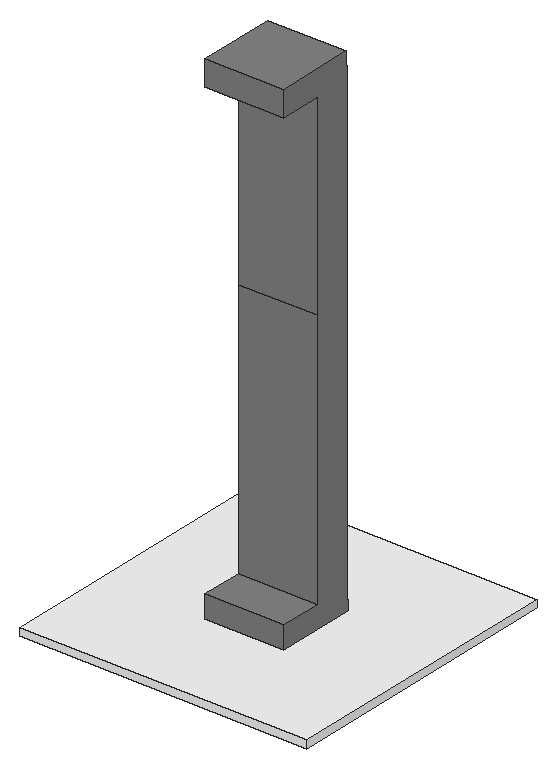
Revit family "BE_84228_de_DE", category Leuchten, Revit 2020
Family settings
  Basisbauteil = Fläche
  Bemaßung runder Anschluss = Durchmesser verwenden
  Teiletyp = Normal
  Beim Laden mit Abzugskörper schneiden = Ja
  Lichtquelle = Ja
  Gemeinsam genutzt = Nein
  Raumberechnungspunkt = Ja
Parameters (values of type "BEGA_84228_Grafit_K3")
  built-in parameter 1150104 = 12.384 (stored number, unit not read)
  Wattage = 4.2 W
  Default Elevation = 0 mm
  built-in parameter 1150113 = 1 (stored number, unit not read)
  built-in parameter 1114218 = 1 (stored number, unit not read)
  Umgebungstemperatur = "25 °C"
  URL = "https://www.bega.com/de/produkt/84228"
  Typenkommentare = "© 2022 BEGA. Wir behalten uns das Recht vor, technische Änderungen ohne vorherige Ankündigung vorzunehmen."  # constant formula
  Type Image = 84228.png
  built-in parameter 1150134 = (empty or 0)
  built-in parameter 1150109 = 1 (stored number, unit not read)
  Strom = ""
  built-in parameter 1150110 = 1 (stored number, unit not read)
  Spannung = 239.996 V
  Sonderanfertigung = no
  Seriennummer [instance] = "Hier können Sie die eindeutige Seriennummer für das Facility Management eintragen."
  Schutzklasse = "I"
  Schutzart = "IP 65"
  Scheinlast = 0 VA
  Produktdatenblatt = "https://cdn.bega.com/bega/products/84228AK3/current/documents/data-sheets/de"
  Oberflächentemperatur = ""
  Neigungswinkel = 0.00°
  Modell = "84228K3"
  Material_17 = BEGA_Reflektor
  Material_15 = BEGA_Leuchtmedium_matt
  Material_11 = BEGA_Glas_opal
  Material_10 = BEGA_Glas_matt
  Material_09 = BEGA_Glas_klar
  Material_08 = BEGA_Oberfläche_Stahl_verzinkt
  Material_06 = BEGA_Oberfläche_Edelstahl_gebürstet
  Material_03 = BEGA_Oberfläche_Weiss_matt
  Material_02 = BEGA_Oberfläche_Silber_matt
  Material_01 [instance] = BEGA_Oberfläche_Grafit_matt
  M_W = no
  M_G = yes
  M_A = no
  Logo = 0
  built-in parameter 1114217 = 1 (stored number, unit not read)
  built-in parameter 1150139 = (empty or 0)
  built-in parameter 1150105 = 44.552 (stored number, unit not read)
  built-in parameter 1150114 = 1 (stored number, unit not read)
  Lumens = 559.86 lm
  built-in parameter 1150115 = 1 (stored number, unit not read)
  Leuchtenlichtstrom = "333 lm"
  Leuchtenanzahl = ""
  Lebensdauerkriterien = "L70B50 @ 25 °C = 200000 h"
  Lastklassifizierung = Beleuchtung
  built-in parameter 1150112 = 1 (stored number, unit not read)
  Lampenlichtstrom = "690 lm"
  Lampe = "LED 4 W"
  LED_Modulbezeichnung = "2x LED-0234/830"
  built-in parameter 1150142 = (empty or 0)
  Hersteller = "BEGA"  # constant formula
  Halbstreuwinkel = ""
  Gewicht = "3.05 kg"
  Gebrauchslageneinschränkung [instance] = ""
  Frequenz = "0/50-60 Hz"
  Farbwiedergabeindex = "CRI > 80"
  Farbtemperaturverschiebung bei Dämpfen der Lampe = <Keine Auswahl>
  Farbtemperatur = "3000 K"
  Color Filter = 16777215
  built-in parameter 1150133 = 10 (stored number, unit not read)
  Energieeffizienzklasse = "LED A++ - A"
  built-in parameter 1150137 = (empty or 0)
  built-in parameter 1150132 = (empty or 0)
  ENEC = "ja"
  Datei für fotometrisches Netz = "BE_84228K3.IES"
  CE_Konformität = "ja"
  Bestellnummer = "84228K3"
  Beschreibung_Sonderanfertigung = "Hier können Sie Informationen zur Sonderanfertigung eintragen."
  Beschreibung = "Garten- und Wegeleuchte"
  built-in parameter 1150106 = 0.44552 (stored number, unit not read)
  Befestigungsbohrung = "Ø 5,5 mm"
  Befestigungsabstand = ""
  Ballwurfsicher = ""
  BEGA_Intern_aus = yes
  BEGA_Intern_an = yes
  BEGA_Intern_Konstruktion = yes
  BEGA_Intern = yes
  BEGA_IES = yes
  BEGA_Dummy = no
  Anschlussleitung = ""
  Anschlussleistung [instance] = "4.9 W"
  built-in parameter 1150107 = 3000 (stored number, unit not read)
  built-in parameter 1150102 = (empty or 0)
  built-in parameter 1150138 = (empty or 0)
  Aktualisierung = "2022-05-19T04:00:07"
  Abstand_zur_angestrahlten_Fläche [instance] = ""
  AC/DC = "AC/DC"
Types (2, lengths in mm): name | Modell | M_G | M_A | Bestellnummer
  BEGA_84228_Silber_K3 | "84228AK3" | no | yes | "84228AK3"
  BEGA_84228_Grafit_K3 | "84228K3" | yes | no | "84228K3"
Reference planes
  plane 1 "Mitte (Vorne/Hinten)": y = 0
  plane 2: z = 0
  plane 3 "Mitte (Links/Rechts)": x = 0
  plane 4 "Links": x = -55
  plane 5 "Rechts": x = 55
  plane 6 "Unten": y = -60
  plane 7 "Oben": y = 51.841
  plane 8 "Vorne": z = 700
  plane 9 "Hinten": z = 0
Forms (mm)
  Extrusion 1, solid, material "BEGA_Platte_Weiss"
    sketch origin (0, -1119.2, 0) x (1, 0, 0) y (0, 1, 0)
      loop
        line (-200, 1319.2) -> (-200, 919.2) -> (200, 919.2) -> (200, 1319.2) -> (-200, 1319.2)
    from 0 to -10
  Extrusion 2, solid, material "BEGA_Dummy_matt", visible <- "BEGA_Dummy"
    sketch origin (80.095, -76.023, 0) x (1, 0, 0) y (0, 1, 0)
      loop
        line (-135.095, 127.864) -> (-135.095, 16.023) -> (-25.095, 16.023) -> (-25.095, 127.864) -> (-135.095, 127.864)
    from 0 to 700
Dimensions and locks
  plane 1 "Mitte (Vorne/Hinten)" to Extrusion 1 = 200 mm
  aligned and locked: plane 2 to Extrusion 1
  aligned and locked: level to Extrusion 1
Nested families
  nested 1: "BE_84228" at (0, 25, 0), type "BE_84228"
Connectors
  electrical at (0, 0, 0), driven by "Lastklassifizierung", driven by "Spannung", driven by "Scheinlast"
    settings: index 1, voltage 239.996 V, apparent load 0 VA, apparent load phase1 0 VA, apparent load phase2 0 VA, apparent load phase3 0 VA, power factor 1, load classification "Beleuchtung", number of poles 1, system type 31, power factor state 1, is connector primary yes, connector utility no, sub classification motor no, connector description ""
Definition of nested family "BE_84228"
  Parameters (values of type "BE_84228")
    Material_10 = none
    Default Elevation = 1 mm
    URL = "http://www.bega.de/de/produkt"
    Type Comments = "© 2015 BEGA. Wir behalten uns das Recht vor, technische Änderungen ohne vorherige Ankündigung vorzunehmen. "  # constant formula
    Type Image = (empty or 0)
    Neigungswinkel_um_Z2 = 0.00°
    Neigungswinkel_um_Z1 = 0.00°
    Neigungswinkel_um_Y2 = 0.00°
    Neigungswinkel_um_Y1 = 0.00°
    Neigungswinkel_um_X2 = 0.00°
    Neigungswinkel_um_X1 = 0.00°
    Material_17 = none
    Material_15 = none
    Material_11 = none
    Material_09 = none
    Material_08 = none
    Material_06 = none
    Material_02 = none
    Material_01 = none
    M_W = yes
    M_G = yes
    M_A = yes
    Länge_Platte = 200 mm  # constant formula
    Höhe_Platte = -10 mm  # constant formula
    Manufacturer = "BEGA"  # constant formula
    Drehwinkel_um_Z2 = 0.00°
    Drehwinkel_um_Z1 = 0.00°
    Breite_Platte = 200 mm  # constant formula
  Reference planes
    plane 1 "Mitte (Oben/Unten)": y = 0
    plane 2: z = 0
    plane 3 "Mitte (Links/Rechts)": x = 0
    plane 4 "Unten": y = -85
    plane 5: z = 700
    plane 6: z = 0
    plane 7: x = 55
    plane 8: x = -55
    plane 9: y = 26.841
  Forms (mm)
    Extrusion 1, solid, detail levels medium
      sketch origin (0, 0, 0) x (1, 0, 0) y (0, 1, 0)
        loop
          line (-100, 100) -> (-100, -100) -> (100, -100) -> (100, 100) -> (-100, 100)
      from 0 to -10 <- "Höhe_Platte"
    Extrusion 2, solid, material <- "Material_01", visible <- "M_G"
      sketch origin (0, 0, -270.628) x (0, 1, 0) y (0, 0, 1)
        loop
          line (25, 935.586) -> (24.694, 970.628) -> (-84.695, 970.628) -> (-85, 935.628) -> (-75.588, 935.628) -> (-75.49, 938.428) -> (-79.312, 938.428) -> (-79.555, 947.728) -> (-77.175, 947.728) -> (-76.462, 968.128) -> (4.703, 968.128) -> (5, 959.628) -> (16.758, 959.628) -> (17.034, 951.728) -> (22.437, 951.728) -> (23, 935.628) -> (22, 933.128) -> (22, 270.628) -> (26.841, 270.628) -> (26.3, 301.628) -> (25, 301.628) -> (25, 935.586)
        loop
          line (-25, 662.709) -> (-25, 301.628) -> (-83.7, 301.628) -> (-84.241, 270.628) -> (-80.126, 270.628) -> (-79.2, 297.128) -> (-22.949, 297.128) -> (-22.949, 938.129) -> (-24.697, 938.129) -> (-24.871, 943.128) -> (-26.522, 943.128) -> (-26.686, 938.428) -> (-30.511, 938.428) -> (-30.413, 935.628) -> (-25.047, 935.628) -> (-25, 932.95) -> (-25, 662.709)
      from -55 to 55
    Extrusion 3, solid, material <- "Material_01", visible <- "M_G"
      sketch origin (0, 0, -270.628) x (0, 1, 0) y (0, 0, 1)
        loop
          line (23.755, 969.255) -> (-82.967, 969.255) -> (-83.261, 935.628) -> (-41.187, 935.628) -> (-24.484, 935.628) -> (-24.484, 662.709) -> (-24.484, 300.85) -> (-81.698, 300.85) -> (-81.698, 270.628) -> (23.755, 270.628) -> (23.755, 969.255)
      from 50 to 55
    Extrusion 4, solid, material <- "Material_10"
      sketch origin (0, 0, -273.428) x (1, 0, 0) y (0, 1, 0)
        loop
          line (-42.716, -76.553) -> (42.716, -76.553) -> (35.912, -29.447) -> (-35.912, -29.447) -> (-42.716, -76.553)
      from 941.687 to 945.175
    Extrusion 5, solid, material <- "Material_01", visible <- "M_G"
      sketch origin (0, 0, 0) x (1, 0, 0) y (0, 1, 0)
        loop
          line (43.299, -80.588) -> (50, -80.588) -> (50, -28.099) -> (35.717, -28.099) -> (43.299, -80.588)
        loop
          line (-35.717, -28.099) -> (-50, -28.099) -> (-50, -80.588) -> (-43.299, -80.588) -> (-35.717, -28.099)
      from 665 to 667.8
    Extrusion 6, solid, material <- "Material_01", visible <- "M_G"
      sketch origin (0, 0, 0) x (1, 0, 0) y (0, 1, 0)
        loop
          line (43.299, -80.588) -> (50, -80.588) -> (50, -28.099) -> (35.717, -28.099) -> (43.299, -80.588)
        loop
          line (-35.717, -28.099) -> (-50, -28.099) -> (-50, -80.588) -> (-43.299, -80.588) -> (-35.717, -28.099)
      from 665 to 667.8
    Extrusion 7, solid, material <- "Material_01", visible <- "M_G"
      sketch origin (0, 0, -270.628) x (0, 1, 0) y (0, 0, -1)
        loop
          line (23.755, -969.255) -> (23.755, -270.628) -> (-81.698, -270.628) -> (-81.698, -300.85) -> (-24.484, -300.85) -> (-24.484, -662.709) -> (-24.484, -935.628) -> (-41.187, -935.628) -> (-83.261, -935.628) -> (-82.967, -969.255) -> (23.755, -969.255)
      from 50 to 55
    Extrusion 8, solid, material <- "Material_02", visible <- "M_A"
      sketch origin (0, 0, -270.628) x (0, 1, 0) y (0, 0, 1)
        loop
          line (25, 935.586) -> (24.694, 970.628) -> (-84.695, 970.628) -> (-85, 935.628) -> (-75.588, 935.628) -> (-75.49, 938.428) -> (-79.312, 938.428) -> (-79.555, 947.728) -> (-77.175, 947.728) -> (-76.462, 968.128) -> (4.703, 968.128) -> (5, 959.628) -> (16.758, 959.628) -> (17.034, 951.728) -> (22.437, 951.728) -> (23, 935.628) -> (22, 933.128) -> (22, 270.628) -> (26.841, 270.628) -> (26.3, 301.628) -> (25, 301.628) -> (25, 935.586)
        loop
          line (-25, 662.709) -> (-25, 301.628) -> (-83.7, 301.628) -> (-84.241, 270.628) -> (-80.126, 270.628) -> (-79.2, 297.128) -> (-22.949, 297.128) -> (-22.949, 938.129) -> (-24.697, 938.129) -> (-24.871, 943.128) -> (-26.522, 943.128) -> (-26.686, 938.428) -> (-30.511, 938.428) -> (-30.413, 935.628) -> (-25.047, 935.628) -> (-25, 932.95) -> (-25, 662.709)
      from -55 to 55
    Extrusion 9, solid, material <- "Material_02", visible <- "M_A"
      sketch origin (0, 0, -270.628) x (0, 1, 0) y (0, 0, 1)
        loop
          line (23.755, 969.255) -> (-82.967, 969.255) -> (-83.261, 935.628) -> (-41.187, 935.628) -> (-24.484, 935.628) -> (-24.484, 662.709) -> (-24.484, 300.85) -> (-81.698, 300.85) -> (-81.698, 270.628) -> (23.755, 270.628) -> (23.755, 969.255)
      from 50 to 55
    Extrusion 10, solid, material <- "Material_02", visible <- "M_A"
      sketch origin (0, 0, 0) x (1, 0, 0) y (0, 1, 0)
        loop
          line (43.299, -80.588) -> (50, -80.588) -> (50, -28.099) -> (35.717, -28.099) -> (43.299, -80.588)
        loop
          line (-35.717, -28.099) -> (-50, -28.099) -> (-50, -80.588) -> (-43.299, -80.588) -> (-35.717, -28.099)
      from 665 to 667.8
    Extrusion 11, solid, material <- "Material_02", visible <- "M_A"
      sketch origin (0, 0, 0) x (1, 0, 0) y (0, 1, 0)
        loop
          line (43.299, -80.588) -> (50, -80.588) -> (50, -28.099) -> (35.717, -28.099) -> (43.299, -80.588)
        loop
          line (-35.717, -28.099) -> (-50, -28.099) -> (-50, -80.588) -> (-43.299, -80.588) -> (-35.717, -28.099)
      from 665 to 667.8
    Extrusion 12, solid, material <- "Material_02", visible <- "M_A"
      sketch origin (0, 0, -270.628) x (0, 1, 0) y (0, 0, -1)
        loop
          line (23.755, -969.255) -> (23.755, -270.628) -> (-81.698, -270.628) -> (-81.698, -300.85) -> (-24.484, -300.85) -> (-24.484, -662.709) -> (-24.484, -935.628) -> (-41.187, -935.628) -> (-83.261, -935.628) -> (-82.967, -969.255) -> (23.755, -969.255)
      from 50 to 55
  Cuts and joins
    joined: Extrusion 2, Extrusion 3, Extrusion 5, Extrusion 6, Extrusion 7
    joined: Extrusion 8, Extrusion 9, Extrusion 10, Extrusion 11, Extrusion 12
  Dimensions and locks
    equal spacing: Extrusion 1 sketch curve, plane 3 "Mitte (Links/Rechts)", Extrusion 1 sketch curve
    equal spacing: Extrusion 1 sketch curve, plane 1 "Mitte (Oben/Unten)", Extrusion 1 sketch curve
    "Länge_Platte": Extrusion 1 sketch curve to Extrusion 1 sketch curve
    "Breite_Platte": Extrusion 1 sketch curve to Extrusion 1 sketch curve
    aligned and locked: plane 2 to Extrusion 1
    aligned and locked: level to Extrusion 1
  Automatic sketch dimensions
    Extrusion 2 sketch curve to plane 4 "Unten" = 0 mm
    plane 5 to Extrusion 2 sketch curve = 0 mm
    Extrusion 2 sketch curve to level = 0 mm  (x2)
    plane 4 "Unten" to Extrusion 2 sketch curve = 0.305 mm
    plane 4 "Unten" to Extrusion 2 sketch curve = 0.759 mm
    plane 4 "Unten" to Extrusion 2 sketch curve = 1.3 mm
    Extrusion 2 sketch curve to Extrusion 2 sketch curve = 4.116 mm
    plane 4 "Unten" to Extrusion 2 sketch curve = 5.445 mm
    plane 4 "Unten" to Extrusion 2 sketch curve = 5.689 mm
    plane 4 "Unten" to Extrusion 2 sketch curve = 5.8 mm
    Extrusion 2 sketch curve to Extrusion 2 sketch curve = 2.381 mm
    plane 5 to Extrusion 2 sketch curve = 2.5 mm
    plane 4 "Unten" to Extrusion 2 sketch curve = 8.538 mm
    Extrusion 2 sketch curve to Extrusion 2 sketch curve = 3.724 mm
    Extrusion 2 sketch curve to Extrusion 2 sketch curve = 0.098 mm  (x2)
    plane 1 "Mitte (Oben/Unten)" to Extrusion 2 sketch curve = 30.511 mm
    Extrusion 2 sketch curve to Extrusion 2 sketch curve = 3.825 mm
    Extrusion 2 sketch curve to Extrusion 2 sketch curve = 0.164 mm
    Extrusion 2 sketch curve to Extrusion 2 sketch curve = 1.64 mm
    plane 1 "Mitte (Oben/Unten)" to Extrusion 2 sketch curve = 25 mm
    Extrusion 2 sketch curve to Extrusion 2 sketch curve = 1.651 mm
    Extrusion 2 sketch curve to Extrusion 2 sketch curve = 1.989 mm
    Extrusion 2 sketch curve to Extrusion 2 sketch curve = 1.748 mm
    Extrusion 2 sketch curve to plane 1 "Mitte (Oben/Unten)" = 4.703 mm
    Extrusion 2 sketch curve to plane 1 "Mitte (Oben/Unten)" = 5 mm
    Extrusion 2 sketch curve to Extrusion 2 sketch curve = 0.276 mm
    Extrusion 2 sketch curve to Extrusion 2 sketch curve = 1.3 mm
    level to Extrusion 2 sketch curve = 26.5 mm
    level to Extrusion 2 sketch curve = 31 mm
    Extrusion 2 sketch curve to Extrusion 2 sketch curve = 4.5 mm
    Extrusion 2 sketch curve to Extrusion 2 sketch curve = 305.419 mm
    plane 5 to Extrusion 2 sketch curve = 37.678 mm
    plane 5 to Extrusion 2 sketch curve = 37.5 mm
    Extrusion 2 sketch curve to Extrusion 2 sketch curve = 2.458 mm
    Extrusion 2 sketch curve to Extrusion 2 sketch curve = 0.042 mm
    Extrusion 2 sketch curve to Extrusion 2 sketch curve = 2.678 mm
    Extrusion 2 sketch curve to Extrusion 2 sketch curve = 32.5 mm
    Extrusion 2 sketch curve to Extrusion 2 sketch curve = 2.501 mm
    Extrusion 2 sketch curve to Extrusion 2 sketch curve = 0.299 mm
    Extrusion 2 sketch curve to Extrusion 2 sketch curve = 2.8 mm
    Extrusion 2 sketch curve to Extrusion 2 sketch curve = 4.999 mm
    Extrusion 2 sketch curve to Extrusion 2 sketch curve = 9.3 mm
    Extrusion 2 sketch curve to Extrusion 2 sketch curve = 16.1 mm
    Extrusion 2 sketch curve to Extrusion 2 sketch curve = 8.5 mm
    Extrusion 3 sketch curve to level = 0 mm
    plane 4 "Unten" to Extrusion 3 sketch curve = 1.74 mm
    plane 4 "Unten" to Extrusion 3 sketch curve = 2.033 mm
    plane 4 "Unten" to Extrusion 3 sketch curve = 3.302 mm
    plane 1 "Mitte (Oben/Unten)" to Extrusion 3 sketch curve = 41.187 mm
    Extrusion 3 sketch curve to Extrusion 3 sketch curve = 16.704 mm
    Extrusion 3 sketch curve to Extrusion 3 sketch curve = 30.222 mm
    plane 5 to Extrusion 3 sketch curve = 307.919 mm
    plane 5 to Extrusion 3 sketch curve = 35 mm
    plane 5 to Extrusion 3 sketch curve = 1.373 mm
    plane 8 to Extrusion 4 sketch curve = 12.284 mm
    plane 8 to Extrusion 4 sketch curve = 19.088 mm
    Extrusion 4 sketch curve to plane 7 = 19.088 mm
    Extrusion 4 sketch curve to plane 7 = 12.284 mm
    plane 4 "Unten" to Extrusion 4 sketch curve = 8.447 mm
    plane 1 "Mitte (Oben/Unten)" to Extrusion 4 sketch curve = 29.447 mm
    plane 8 to Extrusion 5 sketch curve = 5 mm
    Extrusion 5 sketch curve to Extrusion 5 sketch curve = 6.701 mm
    Extrusion 5 sketch curve to Extrusion 5 sketch curve = 14.283 mm
    Extrusion 5 sketch curve to plane 7 = 19.283 mm
    plane 4 "Unten" to Extrusion 5 sketch curve = 4.413 mm  (x2)
    Extrusion 5 sketch curve to plane 7 = 11.701 mm
    Extrusion 5 sketch curve to plane 7 = 5 mm
    plane 1 "Mitte (Oben/Unten)" to Extrusion 5 sketch curve = 28.099 mm  (x2)
    plane 8 to Extrusion 6 sketch curve = 5 mm
    Extrusion 6 sketch curve to Extrusion 6 sketch curve = 6.701 mm
    Extrusion 6 sketch curve to Extrusion 6 sketch curve = 14.283 mm
    Extrusion 6 sketch curve to plane 7 = 19.283 mm
    plane 4 "Unten" to Extrusion 6 sketch curve = 4.413 mm  (x2)
    Extrusion 6 sketch curve to plane 7 = 11.701 mm
    Extrusion 6 sketch curve to plane 7 = 5 mm
    plane 1 "Mitte (Oben/Unten)" to Extrusion 6 sketch curve = 28.099 mm  (x2)
    Extrusion 7 sketch curve to level = 0 mm
    plane 4 "Unten" to Extrusion 7 sketch curve = 1.74 mm
    plane 4 "Unten" to Extrusion 7 sketch curve = 2.033 mm
    plane 4 "Unten" to Extrusion 7 sketch curve = 3.302 mm
    plane 1 "Mitte (Oben/Unten)" to Extrusion 7 sketch curve = 41.187 mm
    Extrusion 7 sketch curve to Extrusion 7 sketch curve = 16.704 mm
    Extrusion 7 sketch curve to Extrusion 7 sketch curve = 30.222 mm
    plane 5 to Extrusion 7 sketch curve = 307.919 mm
    plane 5 to Extrusion 7 sketch curve = 35 mm
    plane 5 to Extrusion 7 sketch curve = 1.373 mm
    Extrusion 8 sketch curve to plane 4 "Unten" = 0 mm
    plane 5 to Extrusion 8 sketch curve = 0 mm
    Extrusion 8 sketch curve to level = 0 mm  (x2)
    plane 4 "Unten" to Extrusion 8 sketch curve = 0.305 mm
    plane 4 "Unten" to Extrusion 8 sketch curve = 0.759 mm
    plane 4 "Unten" to Extrusion 8 sketch curve = 1.3 mm
    Extrusion 8 sketch curve to Extrusion 8 sketch curve = 4.116 mm
    plane 4 "Unten" to Extrusion 8 sketch curve = 5.445 mm
    plane 4 "Unten" to Extrusion 8 sketch curve = 5.689 mm
    plane 4 "Unten" to Extrusion 8 sketch curve = 5.8 mm
    Extrusion 8 sketch curve to Extrusion 8 sketch curve = 2.381 mm
    plane 5 to Extrusion 8 sketch curve = 2.5 mm
    plane 4 "Unten" to Extrusion 8 sketch curve = 8.538 mm
    Extrusion 8 sketch curve to Extrusion 8 sketch curve = 3.724 mm
    Extrusion 8 sketch curve to Extrusion 8 sketch curve = 0.098 mm  (x2)
    plane 1 "Mitte (Oben/Unten)" to Extrusion 8 sketch curve = 30.511 mm
    Extrusion 8 sketch curve to Extrusion 8 sketch curve = 3.825 mm
    Extrusion 8 sketch curve to Extrusion 8 sketch curve = 0.164 mm
    Extrusion 8 sketch curve to Extrusion 8 sketch curve = 1.64 mm
    plane 1 "Mitte (Oben/Unten)" to Extrusion 8 sketch curve = 25 mm
    Extrusion 8 sketch curve to Extrusion 8 sketch curve = 1.651 mm
    Extrusion 8 sketch curve to Extrusion 8 sketch curve = 1.989 mm
    Extrusion 8 sketch curve to Extrusion 8 sketch curve = 1.748 mm
    Extrusion 8 sketch curve to plane 1 "Mitte (Oben/Unten)" = 4.703 mm
    Extrusion 8 sketch curve to plane 1 "Mitte (Oben/Unten)" = 5 mm
    Extrusion 8 sketch curve to Extrusion 8 sketch curve = 0.276 mm
    Extrusion 8 sketch curve to Extrusion 8 sketch curve = 1.3 mm
    level to Extrusion 8 sketch curve = 26.5 mm
    level to Extrusion 8 sketch curve = 31 mm
    Extrusion 8 sketch curve to Extrusion 8 sketch curve = 4.5 mm
    Extrusion 8 sketch curve to Extrusion 8 sketch curve = 305.419 mm
    plane 5 to Extrusion 8 sketch curve = 37.678 mm
    plane 5 to Extrusion 8 sketch curve = 37.5 mm
    Extrusion 8 sketch curve to Extrusion 8 sketch curve = 2.458 mm
    Extrusion 8 sketch curve to Extrusion 8 sketch curve = 0.042 mm
    Extrusion 8 sketch curve to Extrusion 8 sketch curve = 2.678 mm
    Extrusion 8 sketch curve to Extrusion 8 sketch curve = 32.5 mm
    Extrusion 8 sketch curve to Extrusion 8 sketch curve = 2.501 mm
    Extrusion 8 sketch curve to Extrusion 8 sketch curve = 0.299 mm
    Extrusion 8 sketch curve to Extrusion 8 sketch curve = 2.8 mm
    Extrusion 8 sketch curve to Extrusion 8 sketch curve = 4.999 mm
    Extrusion 8 sketch curve to Extrusion 8 sketch curve = 9.3 mm
    Extrusion 8 sketch curve to Extrusion 8 sketch curve = 16.1 mm
    Extrusion 8 sketch curve to Extrusion 8 sketch curve = 8.5 mm
    Extrusion 9 sketch curve to level = 0 mm
    plane 4 "Unten" to Extrusion 9 sketch curve = 1.74 mm
    plane 4 "Unten" to Extrusion 9 sketch curve = 2.033 mm
    plane 4 "Unten" to Extrusion 9 sketch curve = 3.302 mm
    plane 1 "Mitte (Oben/Unten)" to Extrusion 9 sketch curve = 41.187 mm
    Extrusion 9 sketch curve to Extrusion 9 sketch curve = 16.704 mm
    Extrusion 9 sketch curve to Extrusion 9 sketch curve = 30.222 mm
    plane 5 to Extrusion 9 sketch curve = 307.919 mm
    plane 5 to Extrusion 9 sketch curve = 35 mm
    plane 5 to Extrusion 9 sketch curve = 1.373 mm
    plane 8 to Extrusion 10 sketch curve = 5 mm
    Extrusion 10 sketch curve to Extrusion 10 sketch curve = 6.701 mm
    Extrusion 10 sketch curve to Extrusion 10 sketch curve = 14.283 mm
    Extrusion 10 sketch curve to plane 7 = 19.283 mm
    plane 4 "Unten" to Extrusion 10 sketch curve = 4.413 mm  (x2)
    Extrusion 10 sketch curve to plane 7 = 11.701 mm
    Extrusion 10 sketch curve to plane 7 = 5 mm
    plane 1 "Mitte (Oben/Unten)" to Extrusion 10 sketch curve = 28.099 mm  (x2)
    plane 8 to Extrusion 11 sketch curve = 5 mm
    Extrusion 11 sketch curve to Extrusion 11 sketch curve = 6.701 mm
    Extrusion 11 sketch curve to Extrusion 11 sketch curve = 14.283 mm
    Extrusion 11 sketch curve to plane 7 = 19.283 mm
    plane 4 "Unten" to Extrusion 11 sketch curve = 4.413 mm  (x2)
    Extrusion 11 sketch curve to plane 7 = 11.701 mm
    Extrusion 11 sketch curve to plane 7 = 5 mm
    plane 1 "Mitte (Oben/Unten)" to Extrusion 11 sketch curve = 28.099 mm  (x2)
    Extrusion 12 sketch curve to level = 0 mm
    plane 4 "Unten" to Extrusion 12 sketch curve = 1.74 mm
    plane 4 "Unten" to Extrusion 12 sketch curve = 2.033 mm
    plane 4 "Unten" to Extrusion 12 sketch curve = 3.302 mm
    plane 1 "Mitte (Oben/Unten)" to Extrusion 12 sketch curve = 41.187 mm
    Extrusion 12 sketch curve to Extrusion 12 sketch curve = 16.704 mm
    Extrusion 12 sketch curve to Extrusion 12 sketch curve = 30.222 mm
    plane 5 to Extrusion 12 sketch curve = 307.919 mm
    plane 5 to Extrusion 12 sketch curve = 35 mm
    plane 5 to Extrusion 12 sketch curve = 1.373 mm
    Extrusion 2 sketch curve to Extrusion 2 sketch curve = 11.759 mm
    Extrusion 2 sketch curve to plane 1 "Mitte (Oben/Unten)" = 22 mm
    Extrusion 2 sketch curve to Extrusion 2 sketch curve = 5.403 mm
    Extrusion 2 sketch curve to Extrusion 2 sketch curve = 1 mm
    Extrusion 2 sketch curve to Extrusion 2 sketch curve = 7.936 mm
    Extrusion 2 sketch curve to plane 1 "Mitte (Oben/Unten)" = 25 mm
    Extrusion 2 sketch curve to Extrusion 2 sketch curve = 4.841 mm
    Extrusion 3 sketch curve to plane 1 "Mitte (Oben/Unten)" = 23.755 mm
    Extrusion 7 sketch curve to plane 1 "Mitte (Oben/Unten)" = 23.755 mm
    Extrusion 8 sketch curve to Extrusion 8 sketch curve = 11.759 mm
    Extrusion 8 sketch curve to plane 1 "Mitte (Oben/Unten)" = 22 mm
    Extrusion 8 sketch curve to Extrusion 8 sketch curve = 5.403 mm
    Extrusion 8 sketch curve to Extrusion 8 sketch curve = 1 mm
    Extrusion 8 sketch curve to Extrusion 8 sketch curve = 7.936 mm
    Extrusion 8 sketch curve to plane 1 "Mitte (Oben/Unten)" = 25 mm
    Extrusion 8 sketch curve to Extrusion 8 sketch curve = 4.841 mm
    Extrusion 9 sketch curve to plane 1 "Mitte (Oben/Unten)" = 23.755 mm
    Extrusion 12 sketch curve to plane 1 "Mitte (Oben/Unten)" = 23.755 mm
